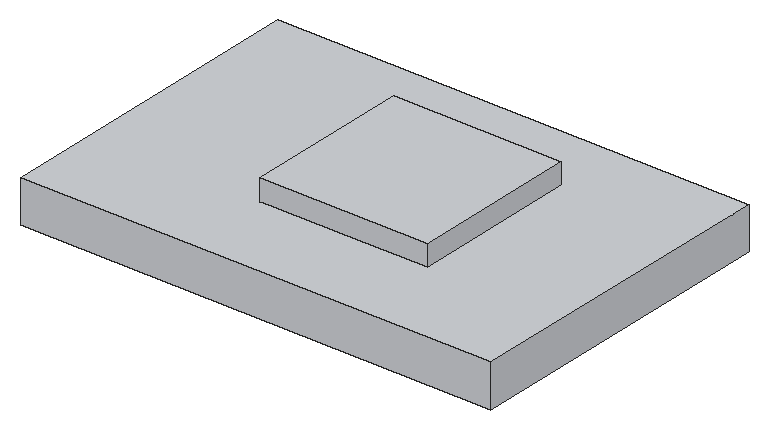
Revit family "d8e22369447c447983ca82e529201e84", category Luminarias, Revit 2026
Family settings
  Anfitrión = Cara
  Cota de conector redondo = Usar diámetro
  Tipo de pieza = Normal
  ID de elemento Seek = Plain Surface Lighting Fixture-0000-CAN-ENU
  Corte con vacíos al cargar = No
  Origen de luz = Sí
  Mantener orientación de anotación = No
  Compartido = No
  Punto de cálculo de habitación = No
Parameters (values of type "1200x1200 - 120")
  Anchura 1 = Anchura / 2  # 600 mm
  Anchura = 1200 mm
  Wattage = 192 W
  built-in parameter 1150110 = 1 (stored number, unit not read)
  built-in parameter 1150109 = 1 (stored number, unit not read)
  built-in parameter 1150134 = 8
  built-in parameter 1150113 = 1 (stored number, unit not read)
  Tilt Angle = -90.00°
  Lumens = 18900.5 lm
  built-in parameter 1114217 = 0.88 (stored number, unit not read)
  built-in parameter 1150115 = 1 (stored number, unit not read)
  built-in parameter 1150105 = 1504.1 (stored number, unit not read)
  Clasificación de carga = Iluminación - Unidad de vivienda
  built-in parameter 1150137 = 1
  built-in parameter 1150139 = (empty or 0)
  Longitud 1 = Longitud / 2  # 600 mm
  Longitud = 1200 mm
  Archivo de red fotométrica = "S4x46A12.ies"
  built-in parameter 1150112 = 1 (stored number, unit not read)
  built-in parameter 1150114 = 1 (stored number, unit not read)
  built-in parameter 1150132 = (empty or 0)
  built-in parameter 1150102 = (empty or 0)
  built-in parameter 1150138 = (empty or 0)
  built-in parameter 1150107 = 4230 (stored number, unit not read)
  built-in parameter 1150106 = 15.041 (stored number, unit not read)
  Emit from Rectangle Width = Anchura  # 1200 mm
  Emit from Rectangle Length = Longitud  # 1200 mm
  Emit Shape Visible in Rendering = no
  built-in parameter 1150104 = 9.1454 (stored number, unit not read)
  Dimming Lamp Color Temperature Shift = (empty or 0)
  Profundidad = 150 mm
  Elevación por defecto = 2000 mm
  Color Filter = 16777215
  built-in parameter 1140040 [instance] = 1
  Voltaje de balasto = 120 V
  built-in parameter 1114218 = 0.88 (stored number, unit not read)
  built-in parameter 1150133 = 10 (stored number, unit not read)
  Apparent Load = 192 VA
Types (8, lengths in mm): name | Anchura 1 | Anchura | Wattage | built-in parameter 1150134 | Lumens | built-in parameter 1150105 | Longitud 1 | Longitud | Archivo de red fotométrica | built-in parameter 1150107 | built-in parameter 1150106 | Emit from Rectangle Width | Emit from Rectangle Length | built-in parameter 1150104 | Voltaje de balasto | Apparent Load
  300x1200 - 120 | 150 | 300 | 64 W | 8 | 5800.32 lm | 461.57 (stored number, unit not read) | 600 | 1200 | "S1x42A12.ies" | 4230 (stored number, unit not read) | 4.6157 (stored number, unit not read) | 300 | 1200 | 8.4198 (stored number, unit not read) | 120 V | 64 VA
  300x1200 - 277 | 150 | 300 | 64 W | 8 | 5800.32 lm | 461.57 (stored number, unit not read) | 600 | 1200 | "S1x42A12.ies" | 4230 (stored number, unit not read) | 4.6157 (stored number, unit not read) | 300 | 1200 | 8.4198 (stored number, unit not read) | 277 V | 64 VA
  600x600 - 120 | 300 | 600 | 62 W | 8 | 5599.84 lm | 445.62 (stored number, unit not read) | 300 | 600 | "S2x22UA12.ies" | 4230 (stored number, unit not read) | 4.4562 (stored number, unit not read) | 600 | 600 | 8.391 (stored number, unit not read) | 120 V | 62 VA
  600x600 - 277 | 300 | 600 | 62 W | 8 | 5599.84 lm | 445.62 (stored number, unit not read) | 300 | 600 | "S2x22UA12.ies" | 4230 (stored number, unit not read) | 4.4562 (stored number, unit not read) | 600 | 600 | 8.391 (stored number, unit not read) | 277 V | 62 VA
  600x1200 - 120 | 300 | 600 | 96 W | 8 | 8700.48 lm | 692.36 (stored number, unit not read) | 600 | 1200 | "S2x43A12.ies" | 4230 (stored number, unit not read) | 6.9236 (stored number, unit not read) | 600 | 1200 | 8.4198 (stored number, unit not read) | 120 V | 96 VA
  600x1200 - 277 | 300 | 600 | 96 W | 8 | 8700.48 lm | 692.36 (stored number, unit not read) | 600 | 1200 | "S2x43A12.ies" | 4230 (stored number, unit not read) | 6.9236 (stored number, unit not read) | 600 | 1200 | 8.4198 (stored number, unit not read) | 277 V | 96 VA
  1200x1200 - 120 | 600 | 1200 | 192 W | 8 | 18900.5 lm | 1504.1 (stored number, unit not read) | 600 | 1200 | "S4x46A12.ies" | 4230 (stored number, unit not read) | 15.041 (stored number, unit not read) | 1200 | 1200 | 9.1454 (stored number, unit not read) | 120 V | 192 VA
  1200x1200 - 277 | 600 | 1200 | 192 W | (empty or 0) | 18900.5 lm | 1504.1 (stored number, unit not read) | 600 | 1200 | "S4x46A12.ies" | 3000 (stored number, unit not read) | 15.041 (stored number, unit not read) | 1200 | 1200 | 9.1454 (stored number, unit not read) | 277 V | 192 VA
Reference planes
  plane 1 "ninguna": y = -461.479
  plane 2: z = 0
  plane 3 "Centro (Izquierda/Derecha)": x = -938.852
  plane 4 "Centro (Frontal/Posterior)": y = 738.521
  plane 5: x = 261.148
  plane 6: z = 150
  plane 7: y = 138.521
  plane 8: x = -338.852
Forms (mm)
  Extrusion 1, solid
    sketch origin (0, 0, 0) x (1, 0, 0) y (0, 1, 0)
      loop
        line (-2158.052, 1219.2) -> (-2158.052, -1090.279) -> (1219.2, -1090.279) -> (1219.2, 1219.2) -> (-2158.052, 1219.2)
    from 0 to -304.8
  Extrusion 2, solid
    sketch origin (0, 0, 0) x (1, 0, 0) y (0, 1, 0)
      loop
        line (-938.852, 738.521) -> (-938.852, -461.479) -> (261.148, -461.479) -> (261.148, 738.521) -> (-938.852, 738.521)
    from 0 to 150
Dimensions and locks
  "Anchura": plane 1 "ninguna" to plane 4 "Centro (Frontal/Posterior)"
  "Longitud": plane 3 "Centro (Izquierda/Derecha)" to plane 5
  "Profundidad": Extrusion 1 to plane 6
  "Anchura 1": plane 4 "Centro (Frontal/Posterior)" to plane 7
  "Longitud 1": plane 3 "Centro (Izquierda/Derecha)" to plane 8
  aligned and locked: plane 2 to Extrusion 1
  aligned and locked: level to Extrusion 1
  aligned and locked: plane 3 "Centro (Izquierda/Derecha)" to Extrusion 2 sketch curve
  aligned and locked: Extrusion 2 sketch curve to plane 4 "Centro (Frontal/Posterior)"
  aligned and locked: plane 1 "ninguna" to Extrusion 2 sketch curve
  aligned and locked: Extrusion 2 sketch curve to plane 5
  aligned and locked: Extrusion 2 to plane 6
  aligned and locked: plane 7 to imposter light
  aligned and locked: plane 6 to imposter light
  aligned and locked: plane 8 to imposter light
Automatic sketch dimensions
  Extrusion 1 sketch curve to Extrusion 1 sketch curve = 3377.252 mm
  Extrusion 1 sketch curve to Extrusion 1 sketch curve = 2309.479 mm
Connectors
  electrical at (-338.852, 138.521, 150), driven by "Apparent Load", driven by "Voltaje de balasto", driven by "Clasificación de carga"
    settings: on Extrusion 2, index 1, voltage 120 V, apparent load 0 VA, apparent load phase1 192 VA, apparent load phase2 0 VA, apparent load phase3 0 VA, power factor 0.95, load classification "Iluminación - Unidad de vivienda", number of poles 1, system type 31, power factor state 1, is connector primary yes, connector utility no, sub classification motor no, connector description ""
